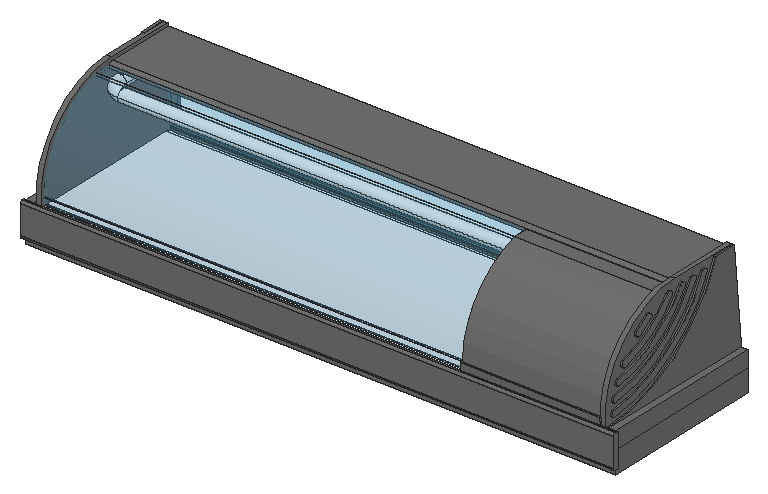
Revit family "QF_HOSHIZAKI_HNC-120BE-R-B", category Specialty Equipment, Revit 2016
Family settings
  Part Type = Normal
  Round Connector Dimension = Use Diameter
  OmniClass Number = 23.40.40.14
  OmniClass Title = Food Service Equipment
  Work Plane-Based = No
  Always vertical = Yes
  Cut with Voids When Loaded = No
  Shared = No
  Room Calculation Point = No
Parameters (values of type "HNC-120BE-R-B_240V/1Ph/50Hz")
  Weight = 32.00 kg
  Volts = 240 V
  URL Cutsheet = ""
  URL = "www.hoshizaki-europe.com"
  Status [instance] = ""
  Specification by User [instance] = ""
  Specification by Manufacturer [instance] = ""
  Serial Number = ""
  Seismic Rating = ""
  SMACNA No = ""
  Revision Code [instance] = ""
  Phase = 1
  Number of Poles = 2
  NAFEM Spec ID Number = ""
  Model = "HNC-120BE-R-B"
  Min Ckt Ampacity = 0 A
  Max Overcurrent Protection = 0 A
  Masterspec = ""
  Manufacturer = "HOSHIZAKI"
  Length Actual = 1200 mm
  Item Number [instance] = ""
  Installed By [instance] = ""
  Identify Quantity as Lot [instance] = no
  Height Actual = 270 mm
  HP power = ""
  Furnished By [instance] = ""
  Foodservice Equipment Identifier [instance] = yes
  FL Amps = 0.63 A
  Electric power = 150 W
  Electric Connection Type [instance] = ""
  Elec Conn RI Height [instance] = 0 mm
  Elec Conn Connection Height [instance] = 18 mm
  Description = "42 LITRE SUSHI CASE, BLACK, RIGHT MOUNTED CONDENSER"
  Depth Actual = 345 mm
  Cycle = 50 Hz
  Cost = 0
  Conn Plug = ""
  Conn Conduit = no
  CSI MasterFormat = ""
  Assembly Code = "E1090320"
  Apparent Power = 150 VA
  Accessory = no
Types (2, lengths in mm): name | Volts | FL Amps
  HNC-120BE-R-B_230V/1Ph/50Hz | 230 V | 0.68 A
  HNC-120BE-R-B_240V/1Ph/50Hz | 240 V | 0.63 A
Reference planes
  plane 1 "Center (Front/Back)": y = 0
  plane 2: z = 0
  plane 3 "Center (Left/Right)": x = 0
Forms (mm)
  Extrusion 1, solid, not visible
    sketch origin (1169, 3, 17) x (1, 0, 0) y (0, 1, 0)
      loop
        line (0, 0) -> (2, 0) -> (2, 2) -> (0, 2) -> (0, 0)
    from 0 to 2
  Extrusion 2, solid, not visible
    sketch origin (1169, 3, 17) x (1, 0, 0) y (0, 1, 0)
      loop
        line (0, 0) -> (2, 0) -> (2, 2) -> (0, 2) -> (0, 0)
    from 0 to 2
Dimensions and locks
  aligned and locked: level to plane 2
Nested families
  nested 1: "QF_HOSHIZAKI_HNC-120BE-R-B_230V_1Ph_50Hz" at (0, 0, 0), type "HNC-120BE-R-B_230V/1Ph/50Hz"
    with Status "", Specification by User "", Show Clearance yes, Revision Code "", Number of Poles 1, Item Number "", Installed By "", Identify Quantity as Lot no, Furnished By "", Foodservice Equipment Identifier yes, Electrical Remarks "", Electric Connection Type "", Elec Conn RI Height 0 mm, Elec Conn Connection Height 19 mm, Conn Conduit yes
Connectors
  electrical at (1170, 5, 18), driven by "Apparent Power", driven by "Number of Poles", driven by "Volts"
    settings: on Extrusion 1, index 1, voltage 240 V, apparent load 0 VA, apparent load phase1 150 VA, apparent load phase2 0 VA, apparent load phase3 0 VA, power factor 1, load classification "Other", number of poles 2, system type 31, power factor state 1, is connector primary yes, connector utility no, sub classification motor no, connector description "Electric connection for 'HNC-120BE-R-B'"
  electrical at (1170, 5, 18), driven by "Apparent Power", driven by "Number of Poles", driven by "Volts"
    settings: on Extrusion 2, index 2, voltage 240 V, apparent load 0 VA, apparent load phase1 150 VA, apparent load phase2 0 VA, apparent load phase3 0 VA, power factor 1, load classification "Other", number of poles 2, system type 31, power factor state 1, is connector primary no, connector utility no, sub classification motor no, connector description "Electric connection for 'HNC-120BE-R-B'"
Definition of nested family "QF_HOSHIZAKI_HNC-120BE-R-B_230V_1Ph_50Hz"
  Parameters (values of type "HNC-120BE-R-B_230V/1Ph/50Hz")
    Weight in Pounds = 70.5478
    Electric power = 150 W
    Volts = 230 V
    URL Cutsheet = "www.hoshizaki-europe.com"
    URL = "www.hoshizaki-europe.com"
    Status [instance] = ""
    Specification by User [instance] = ""
    Specification by Manufacturer = ""
    Show Clearance [instance] = yes
    Serial Number = ""
    Seismic Rating = ""
    SMACNA No = ""
    Revision Code [instance] = ""
    Phase = 1
    Number of Poles [instance] = 1
    NAFEM Spec ID Number = ""
    Model = "HNC-120BE-R-B"
    Min Ckt Ampacity = 0 A
    Max Overcurrent Protection = 0 A
    Masterspec = ""
    Manufacturer = "HOSHIZAKI"
    Item Number [instance] = ""
    Installed By [instance] = ""
    Identify Quantity as Lot [instance] = no
    HP power = "0.201153000000"
    Furnished By [instance] = ""
    Foodservice Equipment Identifier [instance] = yes
    FL Amps = 20 A
    Electrical Remarks [instance] = ""
    Electric Connection Type [instance] = ""
    Elec Conn RI Height [instance] = 0 mm
    Elec Conn Connection Height [instance] = 19 mm
    Description = "42 LITRE SUSHI CASE, BLACK, RIGHT MOUNTED CONDENSER"
    Cycle = 50 Hz
    Conn Plug = ""
    Conn Conduit [instance] = yes
    CSI MasterFormat = ""
    Assembly Code = "E1090320"
    Apparent Power = 150 VA
  Types (2, lengths in mm): name | Phase | Identify Quantity as Lot | Elec Conn Connection Height
    (no name) | 0 | yes | 0
    HNC-120BE-R-B_230V/1Ph/50Hz | 1 | no | 19
  Values of the unnamed type that differ from the named types
    Weight in Pounds = 0
    Electric power = 0 W
    Volts = 0 V
    URL Cutsheet = ""
    URL = ""
    Model = ""
    Manufacturer = ""
    HP power = ""
    FL Amps = 0 A
    Description = ""
    Cycle = 0 Hz
    Apparent Power = 0 VA
  Reference planes
    plane 1 "Back": y = 0
    plane 2: z = 0
    plane 3 "Left": x = 0
    plane 4 "Right": x = 1200
    plane 5 "Front": y = -345
    plane 6 "Top": z = 270
  Forms (mm)
    Extrusion 1, solid
      sketch origin (1200, 0, 0) x (0, 1, 0) y (0, 0, -1)
        loop
          line (-335, -11.612) -> (-340, -11.612)
          arc (-340, -11.612) -> (-343.536, -13.076) -> (-345, -16.612) r 5
          line (-345, -16.612) -> (-345, -73.923)
          arc (-345, -73.923) -> (-343.536, -77.458) -> (-340, -78.923) r 5
          line (-340, -78.923) -> (-335, -78.923) -> (-335, -11.612)
      from 0 to 1200
    Extrusion 2, solid
      sketch origin (1196, 0, 0) x (0, 1, 0) y (0, 0, -1)
        loop
          line (0, 0) -> (-335, 0) -> (-335, -45.267) -> (0, -45.267) -> (0, 0)
      from 1192 to 0
    Extrusion 3, solid
      sketch origin (20, 0, 0) x (0, 1, 0) y (0, 0, 1)
        loop
          line (-335, 77.311) -> (-335, 45.267) -> (0, 45.267) -> (0, 81.612) -> (-16.482, 270) -> (-62.821, 270)
          arc (-62.821, 270) -> (-168.876, 131.23) -> (-335, 77.311) r 293.422
        loop
          arc (-83.709, 252.219) -> (-87.673, 258.508) -> (-95.039, 257.5) r 6.865
          arc (-95.039, 257.5) -> (-185.592, 150.044) -> (-318.029, 103.066) r 268.422
          arc (-318.029, 103.066) -> (-323.161, 96.407) -> (-317.08, 90.602) r 6.285
          arc (-317.08, 90.602) -> (-178.479, 139.765) -> (-83.709, 252.219) r 280.922
        loop
          arc (-111.859, 251.686) -> (-115.571, 258.059) -> (-122.925, 257.5) r 6.947
          arc (-122.925, 257.5) -> (-202.759, 168.597) -> (-315.28, 128.393) r 243.422
          arc (-315.28, 128.393) -> (-320.31, 121.62) -> (-314.06, 115.953) r 6.28
          arc (-314.06, 115.953) -> (-195.78, 158.227) -> (-111.859, 251.686) r 255.922
        loop
          arc (-140.937, 251.021) -> (-143.81, 258.338) -> (-151.626, 257.5) r 6.48
          arc (-151.626, 257.5) -> (-218.228, 188.332) -> (-308.057, 154.411) r 218.422
          arc (-308.057, 154.411) -> (-312.519, 147.451) -> (-306.269, 142.04) r 6.315
          arc (-306.269, 142.04) -> (-211.328, 177.909) -> (-140.937, 251.021) r 230.922
        loop
          arc (-173, 248.071) -> (-175.054, 255.795) -> (-183.042, 255.516) r 6.411
          arc (-183.042, 255.516) -> (-231.849, 209.297) -> (-293.527, 182.572) r 193.422
          arc (-293.527, 182.572) -> (-298.352, 176.046) -> (-293.13, 169.833) r 6.554
          arc (-293.13, 169.833) -> (-226.037, 198.16) -> (-173, 248.071) r 205.922
        loop
          arc (-225.482, 229.368) -> (-225.701, 237.193) -> (-233.285, 239.134) r 6.501
          arc (-233.285, 239.134) -> (-246.737, 229.431) -> (-261.08, 221.097) r 168.422
          arc (-261.08, 221.097) -> (-262.519, 213.318) -> (-255.34, 209.993) r 6.452
          arc (-255.34, 209.993) -> (-239.933, 218.945) -> (-225.482, 229.368) r 180.922
      from 0 to 5
    Extrusion 4, solid
      sketch origin (25, 0, 0) x (0, 1, 0) y (0, 0, 1)
        loop
          line (-335, 45.267) -> (0, 45.267) -> (0, 81.612) -> (-16.482, 270) -> (-157.482, 270)
          arc (-157.482, 270) -> (-288.48, 212.569) -> (-335, 77.311) r 178.115
          line (-335, 77.311) -> (-335, 45.267)
      from 0 to 10
    Extrusion 5, solid
      sketch origin (1180, 0, 0) x (0, 1, 0) y (0, 0, -1)
        loop
          arc (-335, -77.311) -> (-168.876, -131.23) -> (-62.821, -270) r 293.422
          line (-62.821, -270) -> (-16.482, -270) -> (0, -81.612) -> (0, -45.267) -> (-335, -45.267) -> (-335, -77.311)
        loop
          arc (-83.709, -252.219) -> (-178.479, -139.765) -> (-317.08, -90.602) r 280.922
          arc (-317.08, -90.602) -> (-323.161, -96.407) -> (-318.029, -103.066) r 6.285
          arc (-318.029, -103.066) -> (-185.592, -150.044) -> (-95.039, -257.5) r 268.422
          arc (-95.039, -257.5) -> (-87.673, -258.508) -> (-83.709, -252.219) r 6.865
        loop
          arc (-111.859, -251.686) -> (-195.78, -158.227) -> (-314.06, -115.953) r 255.922
          arc (-314.06, -115.953) -> (-320.31, -121.62) -> (-315.28, -128.393) r 6.28
          arc (-315.28, -128.393) -> (-202.759, -168.597) -> (-122.925, -257.5) r 243.422
          arc (-122.925, -257.5) -> (-115.571, -258.059) -> (-111.859, -251.686) r 6.947
        loop
          arc (-140.937, -251.021) -> (-211.328, -177.909) -> (-306.269, -142.04) r 230.922
          arc (-306.269, -142.04) -> (-312.519, -147.451) -> (-308.057, -154.411) r 6.315
          arc (-308.057, -154.411) -> (-218.228, -188.332) -> (-151.626, -257.5) r 218.422
          arc (-151.626, -257.5) -> (-143.81, -258.338) -> (-140.937, -251.021) r 6.48
        loop
          arc (-173, -248.071) -> (-226.037, -198.16) -> (-293.13, -169.833) r 205.922
          arc (-293.13, -169.833) -> (-298.352, -176.046) -> (-293.527, -182.572) r 6.554
          arc (-293.527, -182.572) -> (-231.849, -209.297) -> (-183.042, -255.516) r 193.422
          arc (-183.042, -255.516) -> (-175.054, -255.795) -> (-173, -248.071) r 6.411
        loop
          arc (-225.482, -229.368) -> (-239.933, -218.945) -> (-255.34, -209.993) r 180.922
          arc (-255.34, -209.993) -> (-262.519, -213.318) -> (-261.08, -221.097) r 6.452
          arc (-261.08, -221.097) -> (-246.737, -229.431) -> (-233.285, -239.134) r 168.422
          arc (-233.285, -239.134) -> (-225.701, -237.193) -> (-225.482, -229.368) r 6.501
      from 0 to 5
    Extrusion 6, solid
      sketch origin (1175, 0, 0) x (0, 1, 0) y (0, 0, -1)
        loop
          line (-335, -45.267) -> (-335, -77.311)
          arc (-335, -77.311) -> (-288.48, -212.569) -> (-157.482, -270) r 178.115
          line (-157.482, -270) -> (-16.482, -270) -> (0, -81.612) -> (0, -45.267) -> (-335, -45.267)
      from 0 to 10
    Extrusion 7, solid
      sketch origin (1200, 0, 0) x (0, 1, 0) y (0, 0, -1)
        loop
          line (-335.005, -77.311) -> (-335.597, -91.885) -> (-330.597, -91.885)
          arc (-330.597, -91.885) -> (-293.716, -198.698) -> (-198.787, -260) r 173.115
          line (-198.787, -260) -> (-15.607, -260) -> (0, -81.612) -> (0, -45.267) -> (-9.983, -45.267) -> (-9.983, -77.311) -> (-335.005, -77.311)
      from 35 to 317
    Extrusion 8, solid
      sketch origin (1200, 0, 0) x (0, 1, 0) y (0, 0, -1)
        loop
          line (-9.983, -45.267) -> (-335, -45.267) -> (-335, -67.293)
          arc (-335, -67.293) -> (-332.066, -74.377) -> (-324.983, -77.311) r 10.017
          line (-324.983, -77.311) -> (-20.035, -77.311)
          arc (-20.035, -77.311) -> (-12.951, -74.377) -> (-9.983, -67.293) r 10.017
          line (-9.983, -67.293) -> (-9.983, -45.267)
      from 35 to 1165
    Extrusion 9, solid
      sketch origin (1200, 0, 0) x (0, 1, 0) y (0, 0, -1)
        loop
          line (-16.044, -265) -> (-15.169, -255) -> (-166.142, -255) -> (-166.142, -260)
          arc (-166.142, -260) -> (-162.482, -263.66) -> (-157.482, -265) r 10
          line (-157.482, -265) -> (-16.044, -265)
      from 35 to 1165
    Extrusion 10, solid
      sketch origin (1200, 0, 0) x (0, 1, 0) y (0, 0, -1)
        loop
          line (-166.142, -260) -> (-166.142, -255) -> (-198.178, -255)
          arc (-198.178, -255) -> (-289.967, -195.377) -> (-325.597, -91.885) r 168.115
          line (-325.597, -91.885) -> (-325.597, -77.395) -> (-330.597, -77.395) -> (-330.597, -91.885)
          arc (-330.597, -91.885) -> (-293.716, -198.698) -> (-198.787, -260) r 173.115
          line (-198.787, -260) -> (-166.142, -260)
      from 317 to 1165
    Sweep 11, solid
      path origin (1200, 0, 230) x (-1, 0, 0) y (0, -1, 0)
        loop
          line (1072.551, 50.66) -> (1112.551, 50.66)
          arc (1112.551, 50.66) -> (1140.051, 62.051) -> (1151.442, 89.551) r 38.891
          line (1151.442, 89.551) -> (1151.442, 153.787)
          arc (1151.442, 153.787) -> (1142.122, 176.287) -> (1119.622, 185.607) r 31.82
          line (1119.622, 185.607) -> (317, 185.607)
      profile origin (107.449, -50.66, 230) x (0, -1, 0) y (0, 0, 1)
        loop
          circle (0, 0) r 12.5
    Extrusion 12, solid
      sketch origin (1200, 0, 0) x (0, 1, 0) y (0, 0, -1)
        loop
          line (0, -45.267) -> (-10, -45.267) -> (-10, -77.311) -> (-5, -77.311) -> (-5, -81.612) -> (-6.743, -101.536) -> (-1.743, -101.536) -> (0, -81.612) -> (0, -45.267)
      from 317 to 1165
    Extrusion 13, solid
      sketch origin (1200, 0, 0) x (0, 1, 0) y (0, 0, -1)
        loop
          line (-6.743, -101.536) -> (-20.169, -255) -> (-15.169, -255) -> (-1.743, -101.536) -> (-6.743, -101.536)
      from 1150 to 1165
    Extrusion 14, solid
      sketch origin (1200, 0, 0) x (0, 1, 0) y (0, 0, -1)
        loop
          line (-5, -77.311) -> (-9.917, -77.311) -> (-9.917, -80.666) -> (-25.169, -255) -> (-20.169, -255) -> (-5, -81.612) -> (-5, -77.311)
      from 317 to 1165
    Extrusion 15, solid
      sketch origin (1200, 0, 0) x (-1, 0, 0) y (0, 0, -1)
        loop
          line (20, -45.267) -> (4, -45.267) -> (4, -78.923) -> (20, -78.923) -> (20, -45.267)
      from 0 to 335
    Extrusion 16, solid
      sketch origin (20, 0, 0) x (-1, 0, 0) y (0, 0, -1)
        loop
          line (16, -45.267) -> (0, -45.267) -> (0, -78.923) -> (16, -78.923) -> (16, -45.267)
      from 0 to 335
    Extrusion 17, solid
      sketch origin (1170, 5, 19) x (-1, 0, 0) y (0, 0, -1)
        loop
          circle (0, 0) r 5
      from 0 to 5
  Lines and regions (mm)
    symbolic lines
      curve 1: line (1200, -335, 0) -> (1200, -345, 0)
      curve 2: line (1200, -345, 0) -> (0, -345, 0)
      curve 3: line (0, -345, 0) -> (0, -335, 0)
      curve 4: line (0, -335, 0) -> (4, -335, 0)
      curve 5: line (4, -335, 0) -> (4, 0, 0)
      curve 6: line (4, 0, 0) -> (1196, 0, 0)
      curve 7: line (1165, 0, 0) -> (1165, 5, 0)
      curve 8: line (1165, 5, 0) -> (1175, 5, 0)
      curve 9: line (1175, 5, 0) -> (1175, 0, 0)
      curve 10: line (1196, 0, 0) -> (1196, -335, 0)
      curve 11: line (1196, -335, 0) -> (1200, -335, 0)
      curve 12: line (1200, -335, 0) -> (0, -335, 0)
      curve 13: line (35, -335, 0) -> (35, 0, 0)
      curve 14: line (1165, -335, 0) -> (1165, 0, 0)
      curve 15: line (883, 0, 0) -> (883, -335, 0)
      curve 16: line (35, -166.142, 0) -> (883, -166.142, 0)
      curve 17: arc (80, -198.787, 0) -> (53.973, -189.037, 0) -> (38.216, -166.142, 0) r 46.31
      curve 18: arc (65, -166.142, 0) -> (72.577, -171.229, 0) -> (81.345, -173.764, 0) r 29.577
      curve 19: line (81.345, -173.764, 0) -> (883, -173.764, 0)
      curve 20: line (883, -198.787, 0) -> (80, -198.787, 0)
  Dimensions and locks
    aligned and locked: level to plane 2
  Connectors
    electrical at (1170, 5, 19), driven by "Apparent Power", driven by "Volts", driven by "Number of Poles"
      settings: on Extrusion 17, index 1, voltage 230 V, apparent load 0 VA, apparent load phase1 150 VA, apparent load phase2 0 VA, apparent load phase3 0 VA, power factor 1, load classification none, number of poles 1, system type 31, power factor state 1, is connector primary yes, connector utility no, sub classification motor no, connector description "Electrical Connection"
